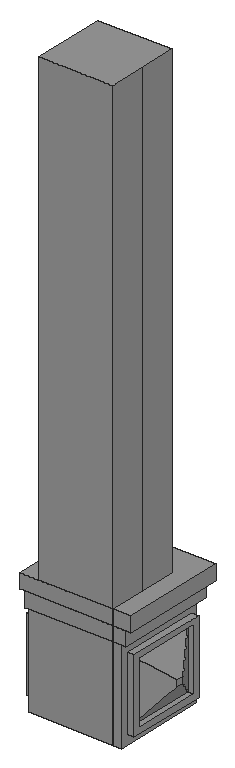
Revit family "column1", category Generic Models, Revit 2017
Family settings
  Can host rebar = No
  Round Connector Dimension = Use Diameter
  Part Type = Normal
  Work Plane-Based = No
  Always vertical = Yes
  Cut with Voids When Loaded = No
  Shared = No
  Room Calculation Point = No
Parameters (values of type "column1")
  column a [instance] = white1
Types (4): name
  column1
  column1 2
  a column
  column1 3
Reference planes (m)
  plane 1 "Center (Front/Back)": y = 0
  plane 2: z = 0
  plane 3 "Center (Left/Right)": x = 0
  plane 4 "ref . level 3": z = 3.2
  plane 5 "ref . level 2": z = 3.15
  plane 6 "ref . level 1": z = 0.66
  plane 7: x = 0.3
  plane 8: x = -0.3
Forms (m)
  Extrusion 1, solid, material "white1"
    sketch origin (0, 0, 0) x (1, 0, 0) y (0, 1, 0)
      loop
        line (0.2, 0) -> (0.2, 0.2) -> (-0.2, 0.2) -> (-0.2, -0.2) -> (0.2, -0.2) -> (0.2, 0)
    from 0 to 3.2
  Extrusion 2, solid, material "white1"
    sketch origin (-0.2, 0.2, 0) x (1, 0, 0) y (0, 0, -1)
      loop
        line (-0.05, -0.5) -> (0.45, -0.5) -> (0.45, 0) -> (-0.05, 0) -> (-0.05, -0.5)
    from -0.4 to 0.1
  Extrusion 3, solid, material "white1"
    sketch origin (-0.2, 0.3, 0.1) x (1, 0, 0) y (0, 0, -1)
      loop
        line (0.45, -0.4) -> (-0.05, -0.4) -> (-0.075, -0.4) -> (-0.075, -0.48) -> (0.475, -0.48) -> (0.475, -0.4) -> (0.45, -0.4)
    from -0.5 to 0.04
  Extrusion 4, solid, material "white1"
    sketch origin (-0.2, 0.34, 0.1) x (1, 0, 0) y (0, 0, -1)
      loop
        line (-0.097547, -0.48) -> (-0.1, -0.48) -> (-0.1, -0.56) -> (0.5, -0.56) -> (0.5, -0.48) -> (0.452453, -0.48) -> (-0.097547, -0.48)
    from -0.54 to 0.034259
  Blend 5, solid, material "white1"
    base sketch origin (-0.2, 0.3, 0) x (1, 0, 0) y (0, 0, -1)
      loop
        line (0.39, -0.42) -> (0.39, -0.08) -> (0.015, -0.08) -> (0.015, -0.42) -> (0.39, -0.42)
    top sketch origin (-0.2, 0.3, 0) x (1, 0, 0) y (0, 0, -1)
      loop
        line (0.22125, -0.2675) -> (0.22125, -0.2325) -> (0.18125, -0.2325) -> (0.18125, -0.2675) -> (0.22125, -0.2675)
    from 0 to 0.108559
  Extrusion 6, solid, material "white1"
    sketch origin (-0.2, 0.3, 0) x (1, 0, 0) y (0, 0, -1)
      loop
        line (0.39, -0.42) -> (0.39, -0.08) -> (0.015, -0.08) -> (0.015, -0.42) -> (0.39, -0.42)
      loop
        line (0.42, -0.45) -> (0.42, -0.05) -> (-0.015, -0.05) -> (-0.015, -0.45) -> (0.42, -0.45)
    from 0 to 0.04
  Extrusion 7, solid, material "white1"
    sketch origin (-0.2, 0.2, 0) x (1, 0, 0) y (0, 0, -1)
      loop
        line (0.233731, -3.15) -> (0.233731, -0.66) -> (0.163731, -0.66) -> (0.163731, -3.15) -> (0.233731, -3.15)
    from 0 to 0.01
  Extrusion 8, solid, material "white1"
    sketch origin (-0.2, 0.2, 0) x (1, 0, 0) y (0, 0, -1)
      loop
        line (0.303731, -3.15) -> (0.303731, -0.66) -> (0.233731, -0.66) -> (0.233731, -3.15) -> (0.303731, -3.15)
    from 0 to 0.02
  Extrusion 9, solid, material "white1"
    sketch origin (0.197463, 0.2, 0) x (-1, 0, 0) y (0, 0, 1)
      loop
        line (0.303731, 3.15) -> (0.233731, 3.15) -> (0.233731, 0.66) -> (0.303731, 0.66) -> (0.303731, 3.15)
    from 0 to 0.02
  Extrusion 10, solid, material "white1"
    sketch origin (-0.2, 0.2, 0) x (1, 0, 0) y (0, 0, -1)
      loop
        line (0.373731, -3.15) -> (0.373731, -0.66) -> (0.303731, -0.66) -> (0.303731, -3.15) -> (0.373731, -3.15)
    from 0 to 0.03
  Extrusion 11, solid, material "white1"
    sketch origin (0.197463, 0.2, 0) x (-1, 0, 0) y (0, 0, 1)
      loop
        line (0.373731, 3.15) -> (0.303731, 3.15) -> (0.303731, 0.66) -> (0.373731, 0.66) -> (0.373731, 3.15)
    from 0 to 0.03
  Extrusion 12, solid, material "white1"
    sketch origin (-0.25, 0.485, 0.311398) x (0, 0, 1) y (0, 1, 0)
      loop
        line (0.111614, -0.245) -> (-0.228386, -0.245) -> (-0.228386, -0.62) -> (0.111614, -0.62) -> (0.111614, -0.245)
      loop
        line (0.141614, -0.215) -> (-0.258386, -0.215) -> (-0.258386, -0.65) -> (0.141614, -0.65) -> (0.141614, -0.215)
    from 0 to 0.04
  Blend 13, solid, material "white1"
    base sketch origin (-0.25, 0.145, 0.132479) x (0, 0, 1) y (0, 1, 0)
      loop
        line (0.29027, 0.095) -> (-0.04973, 0.095) -> (-0.04973, -0.28) -> (0.29027, -0.28) -> (0.29027, 0.095)
    top sketch origin (-0.25, 0.145, 0.132479) x (0, 0, 1) y (0, 1, 0)
      loop
        line (0.13777, -0.07375) -> (0.10277, -0.07375) -> (0.10277, -0.11375) -> (0.13777, -0.11375) -> (0.13777, -0.07375)
    from 0 to 0.108559
  Extrusion 14, solid, material "white1"
    sketch origin (0.25, 0.485, 0.311398) x (0, 0, 1) y (0, -1, 0)
      loop
        line (0.111614, 0.245) -> (0.111614, 0.62) -> (-0.228386, 0.62) -> (-0.228386, 0.245) -> (0.111614, 0.245)
      loop
        line (0.141614, 0.215) -> (0.141614, 0.65) -> (-0.258386, 0.65) -> (-0.258386, 0.215) -> (0.141614, 0.215)
    from 0 to 0.04
  Blend 15, solid, material "white1"
    base sketch origin (0.255, 0.145, 0.132479) x (0, 0, 1) y (0, -1, 0)
      loop
        line (0.29027, -0.095) -> (0.29027, 0.28) -> (-0.04973, 0.28) -> (-0.04973, -0.095) -> (0.29027, -0.095)
    top sketch origin (0.255, 0.145, 0.132479) x (0, 0, 1) y (0, -1, 0)
      loop
        line (0.13777, 0.07375) -> (0.13777, 0.11375) -> (0.10277, 0.11375) -> (0.10277, 0.07375) -> (0.13777, 0.07375)
    from 0 to 0.108559
Dimensions and locks (m)
  Extrusion 1 to Extrusion 1 = 3.20 m
  Extrusion 2 to Extrusion 1 = 3.20 m
  level to plane 4 "ref . level 3" = 3.20 m
  plane 5 "ref . level 2" to plane 4 "ref . level 3" = 0.05 m
  level to plane 5 "ref . level 2" = 3.15 m
  plane 5 "ref . level 2" to level = 3.15 m  (x3)
  plane 4 "ref . level 3" to plane 5 "ref . level 2" = 0.05 m  (x3)
  plane 4 "ref . level 3" to level = 3.20 m  (x2)
  aligned and locked: plane 2 to level
  aligned and locked: Extrusion 6 sketch curve to Blend 5
  aligned and locked: plane 4 "ref . level 3" to Extrusion 1
  aligned and locked: plane 5 "ref . level 2" to Extrusion 11
  aligned and locked: plane 5 "ref . level 2" to Extrusion 9
  aligned and locked: plane 5 "ref . level 2" to Extrusion 7
  aligned and locked: plane 5 "ref . level 2" to Extrusion 8
  aligned and locked: plane 5 "ref . level 2" to Extrusion 10
  aligned and locked: plane 6 "ref . level 1" to Extrusion 4
  aligned and locked: plane 7 to Extrusion 4
